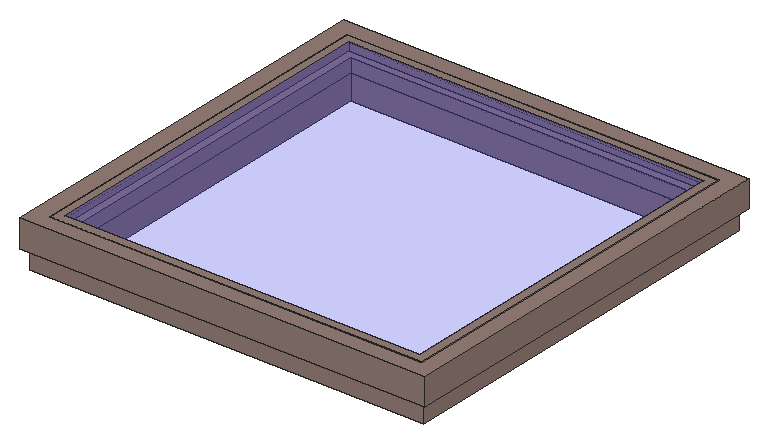
Revit family "a6e0dd6c9b414aadaf6415e8400e8425", category Windows, host Roof, Revit 2021
Family settings
  Host = Roof
  OmniClass Number = 23.30.30.00
  OmniClass Title = Skylights
  Always vertical = No
  Cut with Voids When Loaded = No
  Shared = No
  Room Calculation Point = No
Parameters (values of type "36" x 36"")
  Width = 3' - 0"
  Visual Light Transmittance = 0.9
  Thermal Resistance (R) = 0.9899 (h·ft²·°F)/BTU
  Solar Heat Gain Coefficient = 0.86
  Rough Width = Width + 0' 0 1/2"  # 3' - 0 1/2"
  Rough Height = Height + 0' 0 1/2"  # 3' - 0 1/2"
  Height = 3' - 0"
  Heat Transfer Coefficient (U) = 1.0102 BTU/(h·ft²·°F)
  Glass Panel Material = Glass
  Frame Material = Metal - Bronze, Light Brush
  Fire Rating = "0.5h"
  Base Height = 0' - 3 1/4"
  Assembly Code = "B2020100"
  Analytic Construction = "Single-glazed windows - domestic"
Reference planes (in)
  plane 1 "Center (Front/Back)": y = 0
  plane 2 "Roof": z = 144
  plane 3 "Center (Left/Right)": x = 0
  plane 4: x = -18
  plane 5: x = 18
  plane 6: y = 18
  plane 7: y = -18
  plane 8: y = 15.5
  plane 9: y = -15.5
  plane 10: x = -15.5
  plane 11: x = 15.5
  plane 12: x = -18.5
  plane 13: x = 18.5
  plane 14: y = 18.5
  plane 15: y = -18.5
  plane 16: z = 153.25
  plane 17: z = 154.25
  plane 18: y = 17
  plane 19: y = -17
  plane 20: x = -17
  plane 21: x = 17
  plane 22: z = 152.25
Forms (in)
  Sweep 1, solid, material "Metal - Bronze, Light Brush" <- "Frame Material"
    path origin (0, 0, 144) x (1, 0, 0) y (0, 1, 0)
      loop
        line (-18, 18) -> (-18, -18) -> (18, -18) -> (18, 18) -> (-18, 18)
    profile origin (0, 18, 144) x (0, 1, 0) y (0, 0, 1)
      loop
        line (0, 6) -> (0, 9.25) -> (-1, 9.25) -> (-1, 8.25) -> (-2.5, 8.25) -> (-2.5, 6) -> (0, 6)
  Sweep 2, solid, material "Metal - Bronze, Light Brush" <- "Frame Material"
    path origin (0, 0, 144) x (1, 0, 0) y (0, 1, 0)
      loop
        line (-18, 18) -> (-18, -18) -> (18, -18) -> (18, 18) -> (-18, 18)
    profile origin (0, 18, 144) x (0, 1, 0) y (0, 0, 1)
      loop
        line (-1, 9.25) -> (0, 9.25) -> (0, 7.75) -> (0.5, 7.75) -> (0.5, 10.25) -> (-1, 10.25) -> (-1, 9.25)
  Extrusion 3, solid, material "Glass" <- "Glass Panel Material"
    sketch origin (-9, -180, 154.25) x (-1, 0, 0) y (0, -1, 0)
      loop
        line (7.25, -196.25) -> (7.25, -163.75) -> (-25.25, -163.75) -> (-25.25, -196.25) -> (7.25, -196.25)
    from 0 to -0.21875
  Sweep 4, solid, material "Metal - Bronze, Light Brush" <- "Frame Material"
    path origin (-9, -180, 154.25) x (-1, 0, 0) y (0, -1, 0)
      loop
        line (8, -197) -> (8, -163) -> (-26, -163) -> (-26, -197) -> (8, -197)
    profile origin (0, 17, 154.25) x (0, 1, 0) y (0, 0, 1)
      loop
        line (0, 0) -> (-0.75, 0) -> (-0.75, -0.75) -> (-1.5, -0.75) -> (-1.5, -2) -> (0, -2) -> (0, 0)
Lines and regions (in)
  Opening 1
    outline origin (0, 0, 150) x (0, 1, 0) y (-1, 0, 0)
      loop
        line (15.5, 15.5) -> (-15.5, 15.5) -> (-15.5, -15.5) -> (15.5, -15.5) -> (15.5, 15.5)
  model lines, style "Elevation Swing"
    curve 1: line (0, 17, 154.25) -> (-17, -17, 154.25)
    curve 2: line (0, 17, 154.25) -> (17, -17, 154.25)
Dimensions and locks (in)
  equal spacing: host sketch curve, plane 3 "Center (Left/Right)", host sketch curve
  equal spacing: host sketch curve, plane 1 "Center (Front/Back)", host sketch curve
  equal spacing: plane 6, plane 1 "Center (Front/Back)", plane 7
  equal spacing: plane 4, plane 3 "Center (Left/Right)", plane 5
  "Width": plane 4 to plane 5
  "Height": plane 6 to plane 7
  locked: plane 6 to plane 8 at 2.5
  locked: plane 9 to plane 7 at 2.5
  locked: plane 4 to plane 10 at 2.5
  locked: plane 11 to plane 5 at 2.5
  locked: plane 12 to plane 4 at 0.5
  locked: plane 5 to plane 13 at 0.5
  locked: plane 7 to plane 15 at 0.5
  "Base Height": host roof to plane 16
  locked: plane 17 to plane 16 at 1
  locked: Sweep 2 sketch curve to plane 16 at 1.5
  locked: plane 6 to plane 18 at 1
  locked: plane 19 to plane 7 at 1
  locked: plane 4 to plane 20 at 1
  locked: plane 21 to plane 5 at 1
  locked: plane 22 to plane 16 at 1
  locked: plane 14 to plane 6 at 0.5
  locked: plane 18 to Sweep 4 sketch curve at 0.75
  locked: plane 17 to Sweep 4 sketch curve at 0.75
  aligned and locked: plane 2 "Roof" to level
  aligned and locked: Opening 1 sketch curve to plane 8
  aligned and locked: plane 10 to Opening 1 sketch curve
  aligned and locked: plane 9 to Opening 1 sketch curve
  aligned and locked: Opening 1 sketch curve to plane 11
  aligned and locked: Sweep 1 sketch curve to plane 6  (x2)
  aligned and locked: plane 4 to Sweep 1 sketch curve
  aligned and locked: plane 7 to Sweep 1 sketch curve
  aligned and locked: Sweep 1 sketch curve to plane 5
  aligned and locked: host roof to Sweep 1 sketch curve
  aligned and locked: plane 16 to Sweep 1 sketch curve
  aligned and locked: Sweep 2 sketch curve to Sweep 1  (x4)
  aligned and locked: plane 17 to Sweep 2 sketch curve
  aligned and locked: plane 14 to Sweep 2 sketch curve
  aligned and locked: Sweep 2 sketch curve to plane 6
  aligned and locked: plane 16 to Sweep 2 sketch curve
  aligned and locked: plane 18 to Sweep 2 sketch curve
  aligned and locked: plane 8 to Sweep 1 sketch curve
  aligned and locked: Sweep 1 sketch curve to plane 18
  aligned and locked: Sweep 1 sketch curve to plane 22
  aligned and locked: Sweep 4 sketch curve to Sweep 1  (x4)
  aligned and locked: plane 18 to Sweep 4 sketch curve
  aligned and locked: Sweep 4 sketch curve to plane 17
  aligned and locked: plane 22 to Sweep 4 sketch curve
  aligned and locked: plane 8 to Sweep 4 sketch curve
  aligned and locked: Extrusion 3 to Sweep 4  (x4)
  aligned and locked: plane 20 to curve 1
  aligned and locked: plane 19 to curve 1
  aligned and locked: plane 21 to curve 2
  aligned and locked: plane 19 to curve 2
  aligned and locked: plane 3 "Center (Left/Right)" to curve 2
  aligned and locked: plane 18 to curve 2
Automatic sketch dimensions
  plane 18 to Extrusion 3 sketch curve = 0' - 0 3/4"
  plane 11 to Extrusion 3 sketch curve = 0' - 0 3/4"
  Extrusion 3 sketch curve to plane 19 = 0' - 0 3/4"
  plane 20 to Extrusion 3 sketch curve = 0' - 0 3/4"
